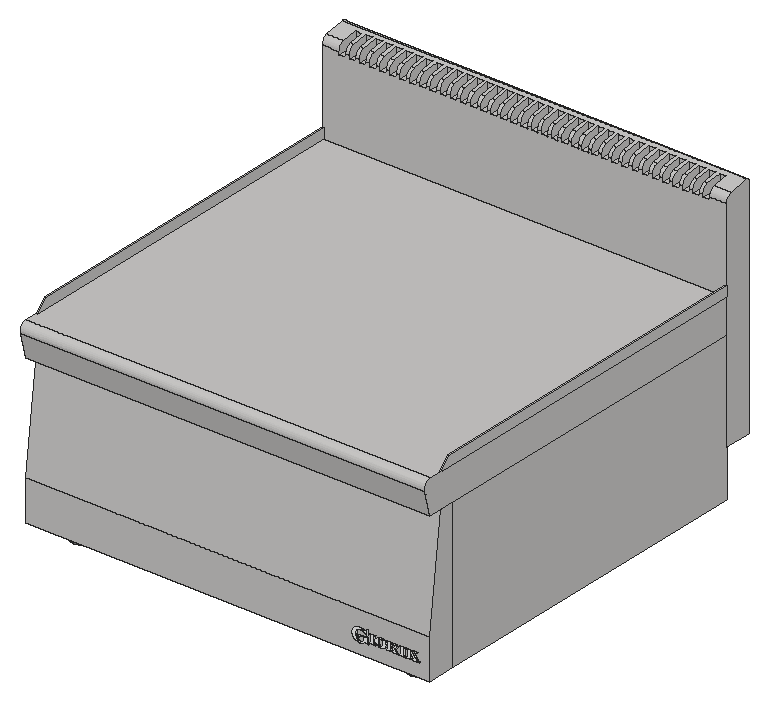
Revit family "QF_GIORIK_LEN6700", category Specialty Equipment, Revit 2014
Parameters (values of type "LEN6700")
  Weight in Pounds = 83.7756
  URL Cutsheet = "www.giorik.com"
  URL = "www.giorik.com"
  Status [instance] = ""
  Specification by User [instance] = ""
  Specification by Manufacturer = ""
  Show Logo [instance] = yes
  Show Clearance [instance] = yes
  Serial Number = ""
  Seismic Rating = ""
  SMACNA No = ""
  Revision Code [instance] = ""
  NAFEM Spec ID Number = ""
  Model = "LEN6700"
  Masterspec = ""
  Manufacturer = "GIORIK"
  Item Number [instance] = ""
  Installed By [instance] = ""
  Identify Quantity as Lot [instance] = no
  Furnished By [instance] = ""
  Foodservice Equipment Identifier [instance] = yes
  Description = "NEUTRAL ELEMENT L=600"
  CSI MasterFormat = ""
  Assembly Code = "E1090320"
Reference planes
  plane 1 "Back": y = 0
  plane 2: z = 0
  plane 3 "Left": x = 0
  plane 4 "Right": x = 600
  plane 5 "Front": y = -600
  plane 6 "Top": z = 430
Forms (mm)
  Extrusion 1, solid
    sketch origin (0, 1000, -578.42) x (0, 1, 0) y (0, 0, 1)
      loop
        line (-1040.007, 869.975) -> (-1589.445, 869.975)
        arc (-1589.445, 869.975) -> (-1598.171, 865.672) -> (-1600.069, 856.13) r 10.999
        line (-1600.069, 856.13) -> (-1590.388, 820) -> (-1040.007, 820) -> (-1040.007, 869.975)
    from 0 to 600
  Extrusion 2, solid
    sketch origin (0, 0, -558.42) x (0, 1, 0) y (0, 0, 1)
      loop
        line (-570.06, 849.975) -> (-40.007, 849.975) -> (-40.007, 864.975) -> (-555.06, 864.975) -> (-570.06, 849.975)
    from 0 to 1.85
  Extrusion 3, solid
    sketch origin (0, 0, -558.42) x (0, 1, 0) y (0, 0, 1)
      loop
        line (-40.007, 800) -> (-550, 800) -> (-550, 580) -> (-40.007, 580) -> (-40.007, 800)
    from 0 to 600
  Extrusion 4, solid
    sketch origin (0, 0, -558.42) x (0, 1, 0) y (0, 0, 1)
      loop
        line (-550, 800) -> (-570.5, 800) -> (-590, 640) -> (-590, 580) -> (-550, 580) -> (-550, 800)
    from 0 to 600
  Extrusion 5, solid
    sketch origin (598.094, 0, -558.42) x (0, 1, 0) y (0, 0, 1)
      loop
        line (-570.06, 849.975) -> (-40.007, 849.975) -> (-40.007, 864.975) -> (-555.06, 864.975) -> (-570.06, 849.975)
    from -0.15 to 1.906
  Extrusion 6, solid
    sketch origin (0, 0, -558.42) x (0, 1, 0) y (0, 0, 1)
      loop
        line (-40.007, 974.217) -> (-40.007, 650.827) -> (0, 650.827) -> (0, 988.42)
        arc (0, 988.42) -> (-0.57, 989.648) -> (-1.878, 990) r 1.6
        line (-1.878, 990) -> (-31.072, 984.852)
        arc (-31.072, 984.852) -> (-37.477, 981.162) -> (-40.007, 974.217) r 10.797
    from 0 to 600
  Extrusion 7, solid
    sketch origin (103.319, 0, -558.42) x (1, 0, 0) y (0, 0, 1)
      loop
        circle (-38.319, 606) r 12.5
    from 20.007 to 40.007
  Extrusion 8, solid, visible <- "Show Logo"
    sketch origin (391.604, -590.5, -4.533) x (-1, 0, 0) y (0, 0, 1)
      loop
        line (-118.824, 58.358) -> (-127.804, 58.358) -> (-125.523, 56.445) -> (-125.523, 48.027) -> (-127.804, 46.113) -> (-118.824, 46.113) -> (-121.105, 48.027) -> (-121.105, 56.445) -> (-118.824, 58.358)
      loop
        line (-163.721, 58.358) -> (-172.7, 58.358) -> (-170.42, 56.445) -> (-170.42, 48.027) -> (-172.7, 46.113) -> (-163.721, 46.113) -> (-166.001, 48.027) -> (-166.001, 56.445) -> (-163.721, 58.358)
      loop
        line (-174.332, 58.358) -> (-183.312, 58.358) -> (-181.031, 56.445) -> (-181.031, 52.435) -> (-186.419, 56.955) -> (-184.416, 58.358) -> (-191.268, 58.358) -> (-188.01, 56.839) -> (-185.455, 54.283) -> (-190.846, 47.858) -> (-193.396, 46.93) -> (-193.396, 46.113) -> (-184.416, 46.113) -> (-185.437, 47.571) -> (-182.443, 51.552) -> (-181.031, 50.894) -> (-181.031, 48.027) -> (-183.312, 46.113) -> (-174.332, 46.113) -> (-176.613, 48.027) -> (-176.613, 56.445) -> (-174.332, 58.358)
      loop
        line (-115.429, 62.063) -> (-115.429, 54.198)
        arc (-115.429, 54.198) -> (-111.618, 57.803) -> (-106.847, 59.986) r 16.039
        arc (-106.847, 59.986) -> (-103.314, 59.837) -> (-100.512, 57.68) r 5.851
        arc (-100.512, 57.68) -> (-98.815, 52.267) -> (-100.512, 46.853) r 9.479
        arc (-100.512, 46.853) -> (-102.406, 44.986) -> (-104.846, 43.93) r 7.236
        arc (-104.846, 43.93) -> (-107.728, 44.111) -> (-110.052, 45.825) r 5.11
        line (-110.052, 45.825) -> (-110.052, 52.001) -> (-116.141, 52.001) -> (-116.141, 45.503) -> (-117.893, 43.751) -> (-114.094, 44.769)
        arc (-114.094, 44.769) -> (-112.56, 44.947) -> (-111.129, 44.366) r 3.115
        arc (-111.129, 44.366) -> (-104.216, 42.091) -> (-97.303, 44.366) r 11.641
        arc (-97.303, 44.366) -> (-93.396, 52.107) -> (-97.303, 59.849) r 9.622
        arc (-97.303, 59.849) -> (-104.369, 62.174) -> (-111.435, 59.849) r 11.898
        line (-111.435, 59.849) -> (-115.429, 62.063)
      loop
        arc (-129.234, 56.068) -> (-135.893, 58.628) -> (-142.552, 56.068) r 9.941
        arc (-142.552, 56.068) -> (-144.234, 52.286) -> (-142.552, 48.505) r 5.093
        arc (-142.552, 48.505) -> (-135.893, 45.945) -> (-129.234, 48.505) r 9.941
        arc (-129.234, 48.505) -> (-127.552, 52.286) -> (-129.234, 56.068) r 5.093
      loop
        arc (-132.628, 54.403) -> (-135.893, 57.668) -> (-139.158, 54.403) r 3.265
        line (-139.158, 54.403) -> (-139.158, 50.169)
        arc (-139.158, 50.169) -> (-135.893, 46.904) -> (-132.628, 50.169) r 3.265
        line (-132.628, 50.169) -> (-132.628, 54.403)
      loop
        arc (-156.363, 58.365) -> (-159.647, 55.081) -> (-156.363, 51.796) r 3.285
        line (-156.363, 51.796) -> (-159.529, 47.306) -> (-162.087, 46.113) -> (-155.847, 46.113) -> (-153.529, 51.083) -> (-150.637, 51.083) -> (-150.637, 47.784) -> (-153.022, 46.113) -> (-144.011, 46.113) -> (-146.094, 47.68) -> (-146.094, 56.493) -> (-144.229, 58.365) -> (-156.363, 58.365)
      loop
        line (-150.637, 57.512) -> (-153.637, 57.512)
        arc (-153.637, 57.512) -> (-156.237, 54.912) -> (-153.637, 52.312) r 2.6
        line (-153.637, 52.312) -> (-150.637, 52.312) -> (-150.637, 57.512)
      loop
        line (-108.924, 52.001) -> (-104.936, 49.005) -> (-100.948, 52.001) -> (-108.924, 52.001)
    from 1.5 to -0.5
  Extrusion 9, void
    sketch origin (10, 0, 431.58) x (0, 1, 0) y (-1, 0, 0)
      loop
        line (-40.007, -25) -> (-9.931, -25) -> (-9.931, -15) -> (-40.007, -15) -> (-40.007, -25)
      loop
        line (-40.007, -40) -> (-9.931, -40) -> (-9.931, -30) -> (-40.007, -30) -> (-40.007, -40)
      loop
        line (-40.007, -55) -> (-9.931, -55) -> (-9.931, -45) -> (-40.007, -45) -> (-40.007, -55)
      loop
        line (-40.007, -70) -> (-9.931, -70) -> (-9.931, -60) -> (-40.007, -60) -> (-40.007, -70)
      loop
        line (-40.007, -85) -> (-9.931, -85) -> (-9.931, -75) -> (-40.007, -75) -> (-40.007, -85)
      loop
        line (-40.007, -100) -> (-9.931, -100) -> (-9.931, -90) -> (-40.007, -90) -> (-40.007, -100)
      loop
        line (-40.007, -115) -> (-9.931, -115) -> (-9.931, -105) -> (-40.007, -105) -> (-40.007, -115)
      loop
        line (-40.007, -130) -> (-9.931, -130) -> (-9.931, -120) -> (-40.007, -120) -> (-40.007, -130)
      loop
        line (-40.007, -145) -> (-9.931, -145) -> (-9.931, -135) -> (-40.007, -135) -> (-40.007, -145)
      loop
        line (-40.007, -160) -> (-9.931, -160) -> (-9.931, -150) -> (-40.007, -150) -> (-40.007, -160)
      loop
        line (-40.007, -175) -> (-9.931, -175) -> (-9.931, -165) -> (-40.007, -165) -> (-40.007, -175)
      loop
        line (-40.007, -190) -> (-9.931, -190) -> (-9.931, -180) -> (-40.007, -180) -> (-40.007, -190)
      loop
        line (-40.007, -205) -> (-9.931, -205) -> (-9.931, -195) -> (-40.007, -195) -> (-40.007, -205)
      loop
        line (-40.007, -220) -> (-9.931, -220) -> (-9.931, -210) -> (-40.007, -210) -> (-40.007, -220)
      loop
        line (-40.007, -235) -> (-9.931, -235) -> (-9.931, -225) -> (-40.007, -225) -> (-40.007, -235)
      loop
        line (-40.007, -250) -> (-9.931, -250) -> (-9.931, -240) -> (-40.007, -240) -> (-40.007, -250)
      loop
        line (-40.007, -265) -> (-9.931, -265) -> (-9.931, -255) -> (-40.007, -255) -> (-40.007, -265)
      loop
        line (-40.007, -280) -> (-9.931, -280) -> (-9.931, -270) -> (-40.007, -270) -> (-40.007, -280)
      loop
        line (-40.007, -295) -> (-9.931, -295) -> (-9.931, -285) -> (-40.007, -285) -> (-40.007, -295)
      loop
        line (-40.007, -310) -> (-9.931, -310) -> (-9.931, -300) -> (-40.007, -300) -> (-40.007, -310)
      loop
        line (-40.007, -325) -> (-9.931, -325) -> (-9.931, -315) -> (-40.007, -315) -> (-40.007, -325)
      loop
        line (-40.007, -340) -> (-9.931, -340) -> (-9.931, -330) -> (-40.007, -330) -> (-40.007, -340)
      loop
        line (-40.007, -355) -> (-9.931, -355) -> (-9.931, -345) -> (-40.007, -345) -> (-40.007, -355)
      loop
        line (-40.007, -370) -> (-9.931, -370) -> (-9.931, -360) -> (-40.007, -360) -> (-40.007, -370)
      loop
        line (-40.007, -385) -> (-9.931, -385) -> (-9.931, -375) -> (-40.007, -375) -> (-40.007, -385)
      loop
        line (-40.007, -400) -> (-9.931, -400) -> (-9.931, -390) -> (-40.007, -390) -> (-40.007, -400)
      loop
        line (-40.007, -415) -> (-9.931, -415) -> (-9.931, -405) -> (-40.007, -405) -> (-40.007, -415)
      loop
        line (-40.007, -430) -> (-9.931, -430) -> (-9.931, -420) -> (-40.007, -420) -> (-40.007, -430)
      loop
        line (-40.007, -445) -> (-9.931, -445) -> (-9.931, -435) -> (-40.007, -435) -> (-40.007, -445)
      loop
        line (-40.007, -460) -> (-9.931, -460) -> (-9.931, -450) -> (-40.007, -450) -> (-40.007, -460)
      loop
        line (-40.007, -475) -> (-9.931, -475) -> (-9.931, -465) -> (-40.007, -465) -> (-40.007, -475)
      loop
        line (-40.007, -490) -> (-9.931, -490) -> (-9.931, -480) -> (-40.007, -480) -> (-40.007, -490)
      loop
        line (-40.007, -505) -> (-9.931, -505) -> (-9.931, -495) -> (-40.007, -495) -> (-40.007, -505)
      loop
        line (-40.007, -520) -> (-9.931, -520) -> (-9.931, -510) -> (-40.007, -510) -> (-40.007, -520)
      loop
        line (-40.007, -535) -> (-9.931, -535) -> (-9.931, -525) -> (-40.007, -525) -> (-40.007, -535)
      loop
        line (-40.007, -550) -> (-9.931, -550) -> (-9.931, -540) -> (-40.007, -540) -> (-40.007, -550)
      loop
        line (-40.007, -565) -> (-9.931, -565) -> (-9.931, -555) -> (-40.007, -555) -> (-40.007, -565)
    from 0 to -20
  Extrusion 10, solid
    sketch origin (566.603, 14.286, -28.42) x (0, 1, 0) y (-1, 0, 0)
      loop
        circle (-79.293, 516.603) r 5
    from 40.385 to 50
  Revolve 11, solid
    sketch origin (50, 18.936, -600) x (0, 1, 0) y (0, 0, 1)
      loop
        line (-83.943, 611.965) -> (-94.752, 611.965) -> (-97.943, 600) -> (-83.943, 600) -> (-83.943, 611.965)
      axis (-83.943, 611.965) -> (-83.943, 600)
    angle from 0 to 360
  Extrusion 12, solid
    sketch origin (33.397, 14.286, -28.42) x (0, 1, 0) y (-1, 0, 0)
      loop
        circle (-79.293, -516.603) r 5
    from 40.385 to 50
  Revolve 13, solid
    sketch origin (550, 18.936, -600) x (0, 1, 0) y (0, 0, -1)
      loop
        line (-83.943, -611.965) -> (-83.943, -600) -> (-97.943, -600) -> (-94.752, -611.965) -> (-83.943, -611.965)
      axis (-83.943, -611.965) -> (-83.943, -600)
    angle from 0 to 360
  Extrusion 14, solid
    sketch origin (566.603, -469.707, -30) x (0, 1, 0) y (-1, 0, 0)
      loop
        circle (-79.293, 516.603) r 5
    from 41.965 to 51.58
  Revolve 15, solid
    sketch origin (50, -465.057, -600) x (0, 1, 0) y (0, 0, 1)
      loop
        line (-83.943, 611.965) -> (-94.752, 611.965) -> (-97.943, 600) -> (-83.943, 600) -> (-83.943, 611.965)
      axis (-83.943, 611.965) -> (-83.943, 600)
    angle from 0 to 360
  Extrusion 16, solid
    sketch origin (33.397, -469.707, -30) x (0, 1, 0) y (-1, 0, 0)
      loop
        circle (-79.293, -516.603) r 5
    from 41.965 to 51.58
  Revolve 17, solid
    sketch origin (550, -465.057, -600) x (0, 1, 0) y (0, 0, -1)
      loop
        line (-83.943, -611.965) -> (-83.943, -600) -> (-97.943, -600) -> (-94.752, -611.965) -> (-83.943, -611.965)
      axis (-83.943, -611.965) -> (-83.943, -600)
    angle from 0 to 360
Cuts and joins
  Extrusion 9 cuts Extrusion 6
Lines and regions (mm)
  symbolic lines, style "200-EquipInternal-2D"
    curve 1: line (25, -9.931, 290) -> (25, -40.007, 290)
    curve 2: line (35, -40.007, 290) -> (35, -9.931, 290)
    curve 3: line (40, -9.931, 290) -> (40, -40.007, 290)
    curve 4: line (50, -40.007, 290) -> (50, -9.931, 290)
    curve 5: line (55, -9.931, 290) -> (55, -40.007, 290)
    curve 6: line (65, -40.007, 290) -> (65, -9.931, 290)
    curve 7: line (85, -9.931, 290) -> (85, -40.007, 290)
    curve 8: line (95, -40.007, 290) -> (95, -9.931, 290)
    curve 9: line (100, -9.931, 290) -> (100, -40.007, 290)
    curve 10: line (110, -40.007, 290) -> (110, -9.931, 290)
    curve 11: line (140, -40.007, 290) -> (140, -9.931, 290)
    curve 12: line (130, -9.931, 290) -> (130, -40.007, 290)
    curve 13: line (155, -40.007, 290) -> (155, -9.931, 290)
    curve 14: line (160, -9.931, 290) -> (160, -40.007, 290)
    curve 15: line (170, -40.007, 290) -> (170, -9.931, 290)
    curve 16: line (145, -9.931, 290) -> (145, -40.007, 290)
    curve 17: line (200, -40.007, 290) -> (200, -9.931, 290)
    curve 18: line (190, -9.931, 290) -> (190, -40.007, 290)
    curve 19: line (205, -9.931, 290) -> (205, -40.007, 290)
    curve 20: line (215, -40.007, 290) -> (215, -9.931, 290)
    curve 21: line (220, -9.931, 290) -> (220, -40.007, 290)
    curve 22: line (230, -40.007, 290) -> (230, -9.931, 290)
    curve 23: line (250, -9.931, 290) -> (250, -40.007, 290)
    curve 24: line (260, -40.007, 290) -> (260, -9.931, 290)
    curve 25: line (265, -9.931, 290) -> (265, -40.007, 290)
    curve 26: line (275, -40.007, 290) -> (275, -9.931, 290)
    curve 27: line (280, -9.931, 290) -> (280, -40.007, 290)
    curve 28: line (290, -40.007, 290) -> (290, -9.931, 290)
    curve 29: line (320, -40.007, 290) -> (320, -9.931, 290)
    curve 30: line (310, -9.931, 290) -> (310, -40.007, 290)
    curve 31: line (335, -40.007, 290) -> (335, -9.931, 290)
    curve 32: line (325, -9.931, 290) -> (325, -40.007, 290)
    curve 33: line (340, -9.931, 290) -> (340, -40.007, 290)
    curve 34: line (350, -40.007, 290) -> (350, -9.931, 290)
    curve 35: line (370, -9.931, 290) -> (370, -40.007, 290)
    curve 36: line (380, -40.007, 290) -> (380, -9.931, 290)
    curve 37: line (385, -9.931, 290) -> (385, -40.007, 290)
    curve 38: line (395, -9.931, 290) -> (385, -9.931, 290)
    curve 39: line (380, -9.931, 290) -> (370, -9.931, 290)
    curve 40: line (350, -9.931, 290) -> (340, -9.931, 290)
    curve 41: line (335, -9.931, 290) -> (325, -9.931, 290)
    curve 42: line (320, -9.931, 290) -> (310, -9.931, 290)
    curve 43: line (275, -9.931, 290) -> (265, -9.931, 290)
    curve 44: line (110, -9.931, 290) -> (100, -9.931, 290)
    curve 45: line (95, -9.931, 290) -> (85, -9.931, 290)
    curve 46: line (65, -9.931, 290) -> (55, -9.931, 290)
    curve 47: line (35, -9.931, 290) -> (25, -9.931, 290)
    curve 48: line (140, -9.931, 290) -> (130, -9.931, 290)
    curve 49: line (155, -9.931, 290) -> (145, -9.931, 290)
    curve 50: line (170, -9.931, 290) -> (160, -9.931, 290)
    curve 51: line (200, -9.931, 290) -> (190, -9.931, 290)
    curve 52: line (215, -9.931, 290) -> (205, -9.931, 290)
    curve 53: line (230, -9.931, 290) -> (220, -9.931, 290)
    curve 54: line (260, -9.931, 290) -> (250, -9.931, 290)
    curve 55: line (50, -9.931, 290) -> (40, -9.931, 290)
    curve 56: line (70, -9.931, 430) -> (70, -40.007, 430)
    curve 57: line (80, -40.007, 430) -> (80, -9.931, 430)
    curve 58: line (80, -9.931, 430) -> (70, -9.931, 430)
    curve 59: line (175, -9.931, 430) -> (175, -40.007, 430)
    curve 60: line (185, -40.007, 430) -> (185, -9.931, 430)
    curve 61: line (185, -9.931, 430) -> (175, -9.931, 430)
    curve 62: line (235, -9.931, 430) -> (235, -40.007, 430)
    curve 63: line (245, -40.007, 430) -> (245, -9.931, 430)
    curve 64: line (245, -9.931, 430) -> (235, -9.931, 430)
    curve 65: line (290, -9.931, 430) -> (280, -9.931, 430)
    curve 66: line (305, -9.931, 430) -> (295, -9.931, 430)
    curve 67: line (295, -9.931, 430) -> (295, -40.007, 430)
    curve 68: line (305, -40.007, 430) -> (305, -9.931, 430)
    curve 69: line (355, -9.931, 430) -> (355, -40.007, 430)
    curve 70: line (365, -40.007, 430) -> (365, -9.931, 430)
    curve 71: line (365, -9.931, 430) -> (355, -9.931, 430)
    curve 72: line (395, -40.007, 430) -> (395, -9.931, 430)
    curve 73: line (400, -9.931, 430) -> (400, -40.007, 430)
    curve 74: line (410, -40.007, 430) -> (410, -9.931, 430)
    curve 75: line (410, -9.931, 430) -> (400, -9.931, 430)
    curve 76: line (425, -9.931, 430) -> (415, -9.931, 430)
    curve 77: line (415, -9.931, 430) -> (415, -40.007, 430)
    curve 78: line (425, -40.007, 430) -> (425, -9.931, 430)
    curve 79: line (430, -9.931, 430) -> (430, -40.007, 430)
    curve 80: line (440, -40.007, 430) -> (440, -9.931, 430)
    curve 81: line (440, -9.931, 430) -> (430, -9.931, 430)
    curve 82: line (445, -9.931, 430) -> (445, -40.007, 430)
    curve 83: line (455, -40.007, 430) -> (455, -9.931, 430)
    curve 84: line (460, -9.931, 430) -> (460, -40.007, 430)
    curve 85: line (470, -40.007, 430) -> (470, -9.931, 430)
    curve 86: line (475, -9.931, 430) -> (475, -40.007, 430)
    curve 87: line (485, -40.007, 430) -> (485, -9.931, 430)
    curve 88: line (490, -9.931, 430) -> (490, -40.007, 430)
    curve 89: line (500, -40.007, 430) -> (500, -9.931, 430)
    curve 90: line (505, -9.931, 430) -> (505, -40.007, 430)
    curve 91: line (515, -40.007, 430) -> (515, -9.931, 430)
    curve 92: line (520, -9.931, 430) -> (520, -40.007, 430)
    curve 93: line (530, -40.007, 430) -> (530, -9.931, 430)
    curve 94: line (535, -9.931, 430) -> (535, -40.007, 430)
    curve 95: line (545, -40.007, 430) -> (545, -9.931, 430)
    curve 96: line (550, -9.931, 430) -> (550, -40.007, 430)
    curve 97: line (560, -40.007, 430) -> (560, -9.931, 430)
    curve 98: line (565, -9.931, 430) -> (565, -40.007, 430)
    curve 99: line (455, -9.931, 430) -> (445, -9.931, 430)
    curve 100: line (470, -9.931, 430) -> (460, -9.931, 430)
    curve 101: line (485, -9.931, 430) -> (475, -9.931, 430)
    curve 102: line (500, -9.931, 430) -> (490, -9.931, 430)
    curve 103: line (515, -9.931, 430) -> (505, -9.931, 430)
    curve 104: line (530, -9.931, 430) -> (520, -9.931, 430)
    curve 105: line (545, -9.931, 430) -> (535, -9.931, 430)
    curve 106: line (560, -9.931, 430) -> (550, -9.931, 430)
    curve 107: line (575, -9.931, 430) -> (565, -9.931, 430)
    curve 108: line (575, -40.007, 430) -> (575, -9.931, 430)
    curve 109: line (125, -9.931, 430) -> (115, -9.931, 430)
    curve 110: line (115, -9.931, 430) -> (115, -40.007, 430)
    curve 111: line (125, -40.007, 430) -> (125, -9.931, 430)
    curve 116: line (597.944, -570.06, 430) -> (600, -570.06, 430)
    curve 117: line (597.944, -40.007, 430) -> (597.944, -570.06, 430)
    curve 118: line (0, -570.06, 430) -> (1.85, -570.06, 430)
    curve 119: line (1.85, -570.06, 430) -> (1.85, -40.007, 430)
    curve 120: line (1.85, -40.007, 430) -> (597.944, -40.007, 430)
  symbolic lines, style "200-EquipBorder-2D"
    curve 112: line (600, 0, 430) -> (0, 0, 430)
    curve 113: line (600, -600, 430) -> (600, 0, 430)
    curve 114: line (0, 0, 430) -> (0, -600, 430)
    curve 115: line (0, -600, 430) -> (600, -600, 430)
Dimensions and locks
  plane 3 "Left" to plane 4 "Right" = 600 mm
  plane 5 "Front" to plane 1 "Back" = 600 mm
  locked: plane 4 "Right" to plane 3 "Left" at 600
  plane 1 "Back" to plane 5 "Front" = 600 mm
  plane 6 "Top" to level = 430 mm  (x2)
  aligned and locked: level to plane 2
